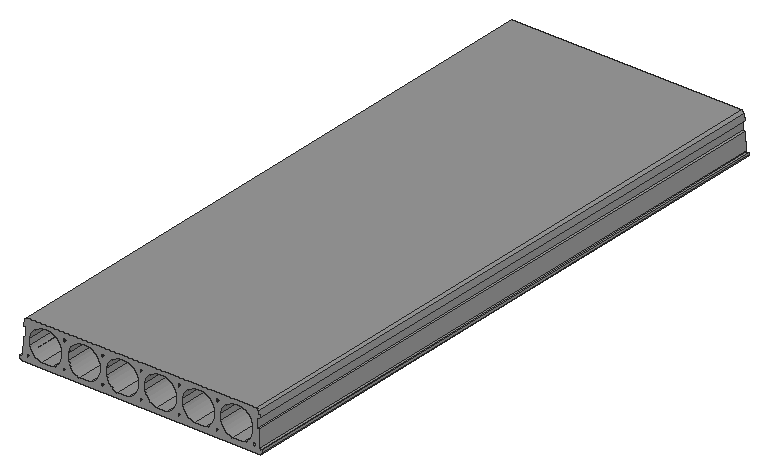
Revit family "Stropný panel KINBETO_SPK", category Obecné modely, Revit 2021
Family settings
  Může být hostitelem pro výztuž = Ne
  Kóta kulaté spojky = Použít průměr
  Typ dílu = Normální
  Založené na pracovní rovině = Ne
  Vždy vertikální = Ano
  Ořezat dutým tvarem při načtení = Ano
  Sdílené = Ne
  Bod výpočtu místnosti = Ne
Parameters (values of type "SPK 200")
  Výrobce = "PREFA Sučany"
  Výrobca kontakt = "PREFA invest, a.s., Podhradská cesta 2, 038 52 Sučany"
  Výchozí výška = 0 mm
  URL = "https://www.prefasu.sk/stropne-panely/"
  Typ obrázku = <Žádné>
  Trieda predpínacej výstuže = "Y1860S7"
  Tepelný odpor = 0.1600 (m²·K)/W
  SP500 = no
  SP400 = no
  SP320 = no
  SP265 = no
  SP200 = yes
  Požiarna odolnosť = "REI45"
  Popis = "Vystužené pozdĺžnou predpínacou výstužou"
  Model = "SP200"
  Minimálne uloženie (mm) = "100"
  Materiál = Beton C50/60
  Komentáře k typům = "Predpäté stropné panely"
  Index vzduchovej nepriezvučnosti (dB) = "49"
  Index kročajovej nepriezvučnosti (dB) = "81"
  Hmotnosť stropného panelu = 277.00 kg/m²
  Dĺžka panela [instance] = 3000 mm
  Atyp_panel / otvor alebo uhol = "Vytvor novú Rodinu pre typ s orezom"
Reference planes
  plane 1 "Center (Front/Back)": y = 0
  plane 2: z = 0
  plane 3 "Center (Left/Right)": x = 0
  plane 4: x = -600
  plane 5: x = 600
  plane 6: x = -590
  plane 7: x = 590
  plane 8: z = 200
  plane 9: z = 22
  plane 10: z = 22
  plane 11: z = 10
  plane 12: z = 10
  plane 13: z = 27
  plane 14: z = 110
  plane 15: x = -582
  plane 16: x = -574
  plane 17: z = 160
  plane 18: x = -586
  plane 19: x = -472.5
  plane 20: x = -283.5
  plane 21: x = 94.5
  plane 22: x = 283.5
  plane 23: x = -94.5
  plane 24: x = 472.5
  plane 25: y = 3000
Forms (mm)
  Extrusion 1, solid, material "Beton C50/60" <- "Materiál", visible <- "SP200", detail levels medium+fine
    sketch origin (0, 0, 0) x (1, 0, 0) y (0, 0, 1)
      loop
        line (-590, 0) -> (590, 0) -> (600, 10) -> (600, 22) -> (590, 22) -> (586, 27) -> (582, 110) -> (574, 114.3) -> (574, 155.7) -> (582, 160) -> (579, 190) -> (568, 200) -> (-568, 200) -> (-579, 190) -> (-582, 160) -> (-574, 155.7) -> (-574, 114.3) -> (-582, 110) -> (-586, 27) -> (-590, 22) -> (-600, 22) -> (-600, 10) -> (-590, 0)
      loop
        circle (-559, 35) r 6.25
      loop
        circle (-378, 35) r 6.25
      loop
        circle (-189, 35) r 6.25
      loop
        circle (0, 35) r 6.25
      loop
        circle (189, 35) r 6.25
      loop
        circle (378, 35) r 6.25
      loop
        circle (559, 35) r 6.25
      loop
        circle (-378, 165) r 6.25
      loop
        circle (-189, 165) r 6.25
      loop
        circle (0, 165) r 6.25
      loop
        circle (189, 165) r 6.25
      loop
        circle (378, 165) r 6.25
      loop
        arc (-551.609, 82.6) -> (-532.986, 46.125) -> (-498.9, 23.423) r 81
        line (-498.9, 23.423) -> (-446.1, 23.423)
        arc (-446.1, 23.423) -> (-412.014, 46.125) -> (-393.391, 82.6) r 81
        line (-393.391, 82.6) -> (-393.391, 117.4)
        arc (-393.391, 117.4) -> (-472.5, 181) -> (-551.609, 117.4) r 81
        line (-551.609, 117.4) -> (-551.609, 82.6)
      loop
        arc (-362.609, 82.6) -> (-343.986, 46.125) -> (-309.9, 23.423) r 81
        line (-309.9, 23.423) -> (-257.1, 23.423)
        arc (-257.1, 23.423) -> (-223.014, 46.125) -> (-204.391, 82.6) r 81
        line (-204.391, 82.6) -> (-204.391, 117.4)
        arc (-204.391, 117.4) -> (-283.5, 181) -> (-362.609, 117.4) r 81
        line (-362.609, 117.4) -> (-362.609, 82.6)
      loop
        arc (-173.609, 82.6) -> (-154.986, 46.125) -> (-120.9, 23.423) r 81
        line (-120.9, 23.423) -> (-68.1, 23.423)
        arc (-68.1, 23.423) -> (-34.014, 46.125) -> (-15.391, 82.6) r 81
        line (-15.391, 82.6) -> (-15.391, 117.4)
        arc (-15.391, 117.4) -> (-94.5, 181) -> (-173.609, 117.4) r 81
        line (-173.609, 117.4) -> (-173.609, 82.6)
      loop
        arc (15.391, 82.6) -> (34.014, 46.125) -> (68.1, 23.423) r 81
        line (68.1, 23.423) -> (120.9, 23.423)
        arc (120.9, 23.423) -> (154.986, 46.125) -> (173.609, 82.6) r 81
        line (173.609, 82.6) -> (173.609, 117.4)
        arc (173.609, 117.4) -> (94.5, 181) -> (15.391, 117.4) r 81
        line (15.391, 117.4) -> (15.391, 82.6)
      loop
        arc (204.391, 82.6) -> (223.014, 46.125) -> (257.1, 23.423) r 81
        line (257.1, 23.423) -> (309.9, 23.423)
        arc (309.9, 23.423) -> (343.986, 46.125) -> (362.609, 82.6) r 81
        line (362.609, 82.6) -> (362.609, 117.4)
        arc (362.609, 117.4) -> (283.5, 181) -> (204.391, 117.4) r 81
        line (204.391, 117.4) -> (204.391, 82.6)
      loop
        arc (393.391, 82.6) -> (412.014, 46.125) -> (446.1, 23.423) r 81
        line (446.1, 23.423) -> (498.9, 23.423)
        arc (498.9, 23.423) -> (532.986, 46.125) -> (551.609, 82.6) r 81
        line (551.609, 82.6) -> (551.609, 117.4)
        arc (551.609, 117.4) -> (472.5, 181) -> (393.391, 117.4) r 81
        line (393.391, 117.4) -> (393.391, 82.6)
    from -3000 to 0
Dimensions and locks
  plane 4 to plane 3 "Center (Left/Right)" to plane 5 = 600 mm locked, 600 mm locked
  plane 4 to plane 5 = 1200 mm
  locked: plane 4 to plane 6 at 10
  locked: plane 7 to plane 5 at 10
  locked: plane 8 to plane 2 at 200
  locked: plane 9 to plane 2 at 22
  locked: plane 10 to plane 2 at 22
  plane 11 to plane 2 = 10 mm
  locked: plane 12 to plane 2 at 10
  locked: plane 13 to plane 9 at 5
  plane 17 to plane 14 to plane 13 = 50 mm, 83 mm locked
  locked: plane 15 to plane 4 at 18
  locked: plane 15 to plane 16 at 8
  locked: plane 4 to plane 18 at 14
  plane 8 to plane 2 = 200 mm
  "Dĺžka panela": plane 1 "Center (Front/Back)" to plane 25
  aligned and locked: level to plane 2
  aligned and locked: plane 1 "Center (Front/Back)" to Extrusion 1
  aligned and locked: Extrusion 1 to plane 25
  aligned and locked: plane 1 "Center (Front/Back)" to nested 1
  aligned and locked: plane 3 "Center (Left/Right)" to nested 1
  aligned and locked: plane 1 "Center (Front/Back)" to nested 2
  aligned and locked: nested 2 to plane 25
  aligned and locked: plane 25 to nested 1
  aligned and locked: plane 3 "Center (Left/Right)" to nested 2
  aligned and locked: plane 1 "Center (Front/Back)" to nested 3
  aligned and locked: plane 25 to nested 3
  aligned and locked: plane 3 "Center (Left/Right)" to nested 3
  aligned and locked: plane 1 "Center (Front/Back)" to nested 4
  aligned and locked: plane 25 to nested 4
  aligned and locked: plane 3 "Center (Left/Right)" to nested 4
Automatic sketch dimensions
  Extrusion 1 sketch curve to Extrusion 1 sketch curve = 0 mm  (x36)
  plane 4 to Extrusion 1 sketch curve = 0 mm
  Extrusion 1 sketch curve to level = 0 mm
  plane 6 to Extrusion 1 sketch curve = 0 mm  (x2)
  Extrusion 1 sketch curve to plane 13 = 0 mm  (x2)
  plane 18 to Extrusion 1 sketch curve = 0 mm
  Extrusion 1 sketch curve to plane 14 = 0 mm  (x2)
  Extrusion 1 sketch curve to plane 15 = 0 mm  (x2)
  plane 16 to Extrusion 1 sketch curve = 0 mm
  Extrusion 1 sketch curve to plane 8 = 0 mm
  plane 19 to Extrusion 1 sketch curve = 0 mm
  plane 20 to Extrusion 1 sketch curve = 0 mm
  plane 23 to Extrusion 1 sketch curve = 0 mm
  Extrusion 1 sketch curve to plane 3 "Center (Left/Right)" = 0 mm  (x2)
  plane 21 to Extrusion 1 sketch curve = 0 mm
  plane 22 to Extrusion 1 sketch curve = 0 mm
  plane 24 to Extrusion 1 sketch curve = 0 mm
  Extrusion 1 sketch curve to plane 17 = 0 mm  (x2)
  plane 7 to Extrusion 1 sketch curve = 0 mm  (x2)
  plane 5 to Extrusion 1 sketch curve = 0 mm
  Extrusion 1 sketch curve to plane 11 = 0 mm  (x2)
  Extrusion 1 sketch curve to plane 9 = 0 mm  (x2)
  plane 15 to Extrusion 1 sketch curve = 3 mm
  Extrusion 1 sketch curve to plane 16 = 6 mm
  Extrusion 1 sketch curve to plane 16 = 15 mm
  Extrusion 1 sketch curve to plane 14 = 7.4 mm  (x8)
  Extrusion 1 sketch curve to plane 16 = 22.391 mm
  plane 9 to Extrusion 1 sketch curve = 1.423 mm  (x6)
  plane 19 to Extrusion 1 sketch curve = 26.4 mm
  Extrusion 1 sketch curve to plane 19 = 26.4 mm
  Extrusion 1 sketch curve to plane 17 = 5 mm  (x5)
  Extrusion 1 sketch curve to Extrusion 1 sketch curve = 15.391 mm  (x8)
  Extrusion 1 sketch curve to plane 13 = 8 mm  (x7)
  Extrusion 1 sketch curve to Extrusion 1 sketch curve = 30.782 mm  (x4)
  plane 20 to Extrusion 1 sketch curve = 26.4 mm
  Extrusion 1 sketch curve to plane 20 = 26.4 mm
  plane 23 to Extrusion 1 sketch curve = 26.4 mm
  Extrusion 1 sketch curve to plane 23 = 26.4 mm
  Extrusion 1 sketch curve to plane 3 "Center (Left/Right)" = 15.391 mm
  plane 3 "Center (Left/Right)" to Extrusion 1 sketch curve = 15.391 mm
  plane 21 to Extrusion 1 sketch curve = 26.4 mm
  Extrusion 1 sketch curve to plane 21 = 26.4 mm
  plane 14 to Extrusion 1 sketch curve = 27.4 mm  (x6)
  Extrusion 1 sketch curve to Extrusion 1 sketch curve = 52.709 mm  (x2)
  plane 22 to Extrusion 1 sketch curve = 26.4 mm
  Extrusion 1 sketch curve to plane 22 = 26.4 mm
  plane 24 to Extrusion 1 sketch curve = 26.4 mm
  Extrusion 1 sketch curve to plane 24 = 26.4 mm
  Extrusion 1 sketch curve to Extrusion 1 sketch curve = 38.391 mm
  plane 7 to Extrusion 1 sketch curve = 31 mm
  plane 7 to Extrusion 1 sketch curve = 22 mm
  Extrusion 1 sketch curve to plane 14 = 4.3 mm  (x2)
  plane 7 to Extrusion 1 sketch curve = 16 mm
  plane 7 to Extrusion 1 sketch curve = 11 mm
  plane 7 to Extrusion 1 sketch curve = 8 mm  (x2)
  plane 7 to Extrusion 1 sketch curve = 4 mm
  plane 17 to Extrusion 1 sketch curve = 4.3 mm  (x2)
  Extrusion 1 sketch curve to plane 8 = 10 mm  (x2)
  radius of Extrusion 1 sketch curve = 6.25 mm  (x12)
Nested families
  nested 1: "Stropný panel SP 265" at (0, 0, 0), visible <- "SP265", dĺžka panelov <- "Dĺžka panela", type "Stropný panel KINBETO SPK 265", detail levels medium+fine
    with dĺžka panelov 3000 mm
  nested 2: "Stropný panel SP 320" at (0, 0, 0), visible <- "SP320", dĺžka panelu <- "Dĺžka panela", type "Stropný panel KINBETO SPK 320", detail levels medium+fine
    with dĺžka panelu 3000 mm
  nested 3: "Stropný panel SP 400" at (0, 0, 0), visible <- "SP400", dĺžka penelov <- "Dĺžka panela", type "Stropný panel KINBETO SPK 400", detail levels medium+fine
    with dĺžka penelov 3000 mm
  nested 4: "Stropný panel SP 500" at (0, 0, 0), visible <- "SP500", dĺžka panelu <- "Dĺžka panela", type "Stropný panel KINBETO SPK 500", detail levels medium+fine
    with dĺžka panelu 3000 mm
Definition of nested family "Stropný panel SP 265"
  Parameters (values of type "Stropný panel SP 265")
    dĺžka panelov [instance] = 3500 mm
    Default Elevation = 0 mm
  Reference planes
    plane 1 "Center (Front/Back)": y = 0
    plane 2: z = 0
    plane 3 "Center (Left/Right)": x = 0
    plane 4: x = -600
    plane 5: x = 600
    plane 6: z = 265
    plane 7: y = 3500
    plane 8: x = -555
    plane 9: x = -336
    plane 10: x = -112
    plane 11: x = 112
    plane 12: x = 336
    plane 13: x = 555
  Forms (mm)
    Extrusion 1, solid
      sketch origin (0, 0, 0) x (1, 0, 0) y (0, 0, 1)
        loop
          line (-600, 10) -> (-590, 0) -> (590, 0) -> (600, 10) -> (600, 22) -> (590.5, 22) -> (585.5, 27) -> (581.458, 175) -> (573.335, 179.399) -> (572.222, 220.165) -> (580.092, 225) -> (579.281, 254.719) -> (569, 265) -> (-568.715, 265) -> (-579.273, 255.004) -> (-580.092, 225) -> (-572.222, 220.165) -> (-573.335, 179.399) -> (-581.458, 175) -> (-585.5, 27) -> (-590.5, 22) -> (-600, 22) -> (-600, 10)
        loop
          line (-533, 161.225) -> (-533, 104.645)
          arc (-533, 104.645) -> (-530.716, 93.164) -> (-524.213, 83.431) r 30
          line (-524.213, 83.431) -> (-486.891, 46.109)
          arc (-486.891, 46.109) -> (-448, 30) -> (-409.109, 46.109) r 55
          line (-409.109, 46.109) -> (-371.787, 83.431)
          arc (-371.787, 83.431) -> (-365.284, 93.164) -> (-363, 104.645) r 30
          line (-363, 104.645) -> (-363, 161.225)
          arc (-363, 161.225) -> (-368.917, 187.206) -> (-385.5, 208.062) r 60
          arc (-385.5, 208.062) -> (-448, 230) -> (-510.5, 208.062) r 100
          arc (-510.5, 208.062) -> (-527.083, 187.206) -> (-533, 161.225) r 60
        loop
          line (-309, 161.225) -> (-309, 104.645)
          arc (-309, 104.645) -> (-306.716, 93.164) -> (-300.213, 83.431) r 30
          line (-300.213, 83.431) -> (-262.891, 46.109)
          arc (-262.891, 46.109) -> (-224, 30) -> (-185.109, 46.109) r 55
          line (-185.109, 46.109) -> (-147.787, 83.431)
          arc (-147.787, 83.431) -> (-141.284, 93.164) -> (-139, 104.645) r 30
          line (-139, 104.645) -> (-139, 161.225)
          arc (-139, 161.225) -> (-144.917, 187.206) -> (-161.5, 208.062) r 60
          arc (-161.5, 208.062) -> (-224, 230) -> (-286.5, 208.062) r 100
          arc (-286.5, 208.062) -> (-303.083, 187.206) -> (-309, 161.225) r 60
        loop
          line (-85, 161.225) -> (-85, 104.645)
          arc (-85, 104.645) -> (-82.716, 93.164) -> (-76.213, 83.431) r 30
          line (-76.213, 83.431) -> (-38.891, 46.109)
          arc (-38.891, 46.109) -> (0, 30) -> (38.891, 46.109) r 55
          line (38.891, 46.109) -> (76.213, 83.431)
          arc (76.213, 83.431) -> (82.716, 93.164) -> (85, 104.645) r 30
          line (85, 104.645) -> (85, 161.225)
          arc (85, 161.225) -> (79.083, 187.206) -> (62.5, 208.062) r 60
          arc (62.5, 208.062) -> (0, 230) -> (-62.5, 208.062) r 100
          arc (-62.5, 208.062) -> (-79.083, 187.206) -> (-85, 161.225) r 60
        loop
          line (139, 161.225) -> (139, 104.645)
          arc (139, 104.645) -> (141.284, 93.164) -> (147.787, 83.431) r 30
          line (147.787, 83.431) -> (185.109, 46.109)
          arc (185.109, 46.109) -> (224, 30) -> (262.891, 46.109) r 55
          line (262.891, 46.109) -> (300.213, 83.431)
          arc (300.213, 83.431) -> (306.716, 93.164) -> (309, 104.645) r 30
          line (309, 104.645) -> (309, 161.225)
          arc (309, 161.225) -> (303.083, 187.206) -> (286.5, 208.062) r 60
          arc (286.5, 208.062) -> (224, 230) -> (161.5, 208.062) r 100
          arc (161.5, 208.062) -> (144.917, 187.206) -> (139, 161.225) r 60
        loop
          line (363, 161.225) -> (363, 104.645)
          arc (363, 104.645) -> (365.284, 93.164) -> (371.787, 83.431) r 30
          line (371.787, 83.431) -> (409.109, 46.109)
          arc (409.109, 46.109) -> (448, 30) -> (486.891, 46.109) r 55
          line (486.891, 46.109) -> (524.213, 83.431)
          arc (524.213, 83.431) -> (530.716, 93.164) -> (533, 104.645) r 30
          line (533, 104.645) -> (533, 161.225)
          arc (533, 161.225) -> (527.083, 187.206) -> (510.5, 208.062) r 60
          arc (510.5, 208.062) -> (448, 230) -> (385.5, 208.062) r 100
          arc (385.5, 208.062) -> (368.917, 187.206) -> (363, 161.225) r 60
        loop
          circle (-555, 35) r 6.25
        loop
          circle (-336, 75) r 6.25
        loop
          circle (-112, 75) r 6.25
        loop
          circle (112, 75) r 6.25
        loop
          circle (336, 75) r 6.25
        loop
          circle (555, 35) r 6.25
        loop
          circle (336, 230) r 6.25
        loop
          circle (112, 230) r 6.25
        loop
          circle (-112, 230) r 6.25
        loop
          circle (-336, 230) r 6.25
        loop
          circle (355, 35) r 6.25
        loop
          circle (317, 35) r 6.25
        loop
          circle (131, 35) r 6.25
        loop
          circle (93, 35) r 6.25
        loop
          circle (-93, 35) r 6.25
        loop
          circle (-131, 35) r 6.25
        loop
          circle (-317, 35) r 6.25
        loop
          circle (-355, 35) r 6.25
      from 0 to -3500
    Extrusion 2, solid
      sketch origin (0, 0, 0) x (1, 0, 0) y (0, 0, 1)
        loop
          circle (-555, 35) r 6.25
        loop
          circle (-355, 35) r 6.25
        loop
          circle (-336, 75) r 6.25
        loop
          circle (-317, 35) r 6.25
        loop
          circle (-93, 35) r 6.25
        loop
          circle (-131, 35) r 6.25
        loop
          circle (-112, 75) r 6.25
        loop
          circle (-336, 230) r 6.25
        loop
          circle (-112, 230) r 6.25
        loop
          circle (112, 230) r 6.25
        loop
          circle (336, 230) r 6.25
        loop
          circle (555, 35) r 6.25
        loop
          circle (336, 75) r 6.25
        loop
          circle (355, 35) r 6.25
        loop
          circle (317, 35) r 6.25
        loop
          circle (93, 35) r 6.25
        loop
          circle (131, 35) r 6.25
        loop
          circle (112, 75) r 6.25
      from -3500 to 0
  Dimensions and locks
    plane 5 to plane 3 "Center (Left/Right)" to plane 4 = 600 mm locked, 600 mm locked
    plane 5 to plane 4 = 1200 mm
    locked: plane 6 to plane 2 at 265
    "dĺžka panelov": plane 1 "Center (Front/Back)" to plane 7
    plane 4 to plane 8 to plane 9 to plane 10 to plane 11 to plane 12 to plane 13 to plane 5 = 45 mm, 219 mm, 224 mm, 224 mm, 224 mm, 219 mm, 45 mm
    aligned and locked: level to plane 2
    aligned and locked: plane 1 "Center (Front/Back)" to Extrusion 1
    aligned and locked: Extrusion 1 to plane 7
    aligned and locked: Extrusion 2 to plane 7
    aligned and locked: plane 1 "Center (Front/Back)" to Extrusion 2
  Automatic sketch dimensions
    plane 4 to Extrusion 1 sketch curve = 0 mm
    Extrusion 1 sketch curve to level = 0 mm
    Extrusion 1 sketch curve to plane 6 = 0 mm
    plane 8 to Extrusion 1 sketch curve = 0 mm
    plane 9 to Extrusion 1 sketch curve = 0 mm  (x2)
    plane 10 to Extrusion 1 sketch curve = 0 mm  (x2)
    Extrusion 1 sketch curve to plane 3 "Center (Left/Right)" = 0 mm  (x2)
    plane 11 to Extrusion 1 sketch curve = 0 mm  (x2)
    plane 12 to Extrusion 1 sketch curve = 0 mm  (x2)
    plane 13 to Extrusion 1 sketch curve = 0 mm
    Extrusion 1 sketch curve to plane 5 = 0 mm
    Extrusion 1 sketch curve to Extrusion 1 sketch curve = 9.5 mm
    Extrusion 1 sketch curve to plane 4 = 10 mm
    Extrusion 1 sketch curve to Extrusion 1 sketch curve = 5 mm  (x4)
    Extrusion 1 sketch curve to plane 4 = 18.542 mm
    Extrusion 1 sketch curve to plane 4 = 19.908 mm
    plane 6 to Extrusion 1 sketch curve = 9.996 mm
    Extrusion 1 sketch curve to plane 4 = 20.727 mm
    Extrusion 1 sketch curve to Extrusion 1 sketch curve = 8.123 mm  (x2)
    Extrusion 1 sketch curve to Extrusion 1 sketch curve = 7.871 mm  (x2)
    plane 8 to Extrusion 1 sketch curve = 13.715 mm
    Extrusion 1 sketch curve to plane 8 = 22 mm
    Extrusion 1 sketch curve to Extrusion 1 sketch curve = 8.787 mm  (x6)
    Extrusion 1 sketch curve to Extrusion 1 sketch curve = 21.213 mm  (x9)
    Extrusion 1 sketch curve to Extrusion 1 sketch curve = 37.322 mm  (x5)
    Extrusion 1 sketch curve to Extrusion 1 sketch curve = 60 mm  (x4)
    Extrusion 1 sketch curve to Extrusion 1 sketch curve = 25 mm  (x8)
    Extrusion 1 sketch curve to Extrusion 1 sketch curve = 0 mm  (x8)
    Extrusion 1 sketch curve to Extrusion 1 sketch curve = 38.891 mm  (x12)
    plane 9 to Extrusion 1 sketch curve = 57 mm
    plane 9 to Extrusion 1 sketch curve = 27 mm
    plane 9 to Extrusion 1 sketch curve = 19 mm
    Extrusion 1 sketch curve to plane 9 = 19 mm
    Extrusion 1 sketch curve to plane 9 = 27 mm
    plane 10 to Extrusion 1 sketch curve = 57 mm
    plane 10 to Extrusion 1 sketch curve = 19 mm
    Extrusion 1 sketch curve to plane 10 = 19 mm
    Extrusion 1 sketch curve to plane 10 = 27 mm
    Extrusion 1 sketch curve to Extrusion 1 sketch curve = 30 mm
    Extrusion 1 sketch curve to plane 3 "Center (Left/Right)" = 38.891 mm
    Extrusion 1 sketch curve to plane 3 "Center (Left/Right)" = 25 mm
    plane 3 "Center (Left/Right)" to Extrusion 1 sketch curve = 25 mm
    plane 3 "Center (Left/Right)" to Extrusion 1 sketch curve = 38.891 mm
    plane 3 "Center (Left/Right)" to Extrusion 1 sketch curve = 55 mm
    plane 11 to Extrusion 1 sketch curve = 27 mm
    plane 11 to Extrusion 1 sketch curve = 19 mm
    Extrusion 1 sketch curve to plane 11 = 19 mm
    Extrusion 1 sketch curve to plane 11 = 27 mm
    plane 12 to Extrusion 1 sketch curve = 57 mm
    plane 12 to Extrusion 1 sketch curve = 27 mm
    plane 12 to Extrusion 1 sketch curve = 19 mm
    Extrusion 1 sketch curve to plane 12 = 19 mm
    Extrusion 1 sketch curve to plane 12 = 27 mm
    plane 13 to Extrusion 1 sketch curve = 52 mm
    plane 13 to Extrusion 1 sketch curve = 22 mm
    Extrusion 1 sketch curve to plane 13 = 14 mm
    Extrusion 1 sketch curve to plane 13 = 17.222 mm
    Extrusion 1 sketch curve to plane 13 = 18.335 mm
    plane 6 to Extrusion 1 sketch curve = 10.281 mm
    Extrusion 1 sketch curve to Extrusion 1 sketch curve = 10.281 mm
    Extrusion 1 sketch curve to plane 5 = 14.5 mm
    Extrusion 1 sketch curve to plane 5 = 10 mm
    level to Extrusion 1 sketch curve = 10 mm  (x2)
    Extrusion 1 sketch curve to Extrusion 1 sketch curve = 12 mm  (x2)
    Extrusion 1 sketch curve to Extrusion 1 sketch curve = 8 mm  (x2)
    level to Extrusion 1 sketch curve = 35 mm  (x8)
    level to Extrusion 1 sketch curve = 46.109 mm  (x5)
    Extrusion 1 sketch curve to Extrusion 1 sketch curve = 40 mm  (x4)
    Extrusion 1 sketch curve to Extrusion 1 sketch curve = 8.431 mm  (x8)
    Extrusion 1 sketch curve to Extrusion 1 sketch curve = 48.431 mm
    Extrusion 1 sketch curve to Extrusion 1 sketch curve = 45 mm  (x5)
    Extrusion 1 sketch curve to Extrusion 1 sketch curve = 56.58 mm  (x3)
    Extrusion 1 sketch curve to Extrusion 1 sketch curve = 31.225 mm  (x5)
    Extrusion 1 sketch curve to Extrusion 1 sketch curve = 13.775 mm  (x2)
    Extrusion 1 sketch curve to Extrusion 1 sketch curve = 4.399 mm  (x2)
    Extrusion 1 sketch curve to Extrusion 1 sketch curve = 34.839 mm
    Extrusion 1 sketch curve to Extrusion 1 sketch curve = 34.555 mm
    Extrusion 1 sketch curve to Extrusion 1 sketch curve = 4.835 mm  (x2)
    plane 6 to Extrusion 1 sketch curve = 35 mm  (x4)
    plane 8 to Extrusion 2 sketch curve = 0 mm
    level to Extrusion 2 sketch curve = 35 mm  (x6)
    Extrusion 2 sketch curve to Extrusion 2 sketch curve = 6.25 mm  (x13)
    plane 9 to Extrusion 2 sketch curve = 19 mm
    plane 9 to Extrusion 2 sketch curve = 0 mm  (x2)
    Extrusion 2 sketch curve to Extrusion 2 sketch curve = 40 mm  (x3)
    Extrusion 2 sketch curve to plane 9 = 19 mm
    Extrusion 2 sketch curve to Extrusion 2 sketch curve = 0 mm  (x6)
    Extrusion 2 sketch curve to plane 10 = 19 mm
    plane 10 to Extrusion 2 sketch curve = 19 mm
    plane 10 to Extrusion 2 sketch curve = 0 mm  (x2)
    plane 6 to Extrusion 2 sketch curve = 35 mm  (x4)
    plane 11 to Extrusion 2 sketch curve = 0 mm  (x2)
    plane 11 to Extrusion 2 sketch curve = 6.25 mm  (x2)
    plane 12 to Extrusion 2 sketch curve = 0 mm  (x2)
    plane 12 to Extrusion 2 sketch curve = 6.25 mm  (x2)
    plane 13 to Extrusion 2 sketch curve = 0 mm
    plane 13 to Extrusion 2 sketch curve = 6.25 mm
    level to Extrusion 2 sketch curve = 75 mm
    Extrusion 2 sketch curve to plane 12 = 19 mm
    plane 12 to Extrusion 2 sketch curve = 19 mm
    plane 11 to Extrusion 2 sketch curve = 19 mm
    Extrusion 2 sketch curve to plane 11 = 19 mm
    radius of Extrusion 1 sketch curve = 6.25 mm  (x18)
Definition of nested family "Stropný panel SP 320"
  Parameters (values of type "Stropný panel SP 320")
    dĺžka panelu [instance] = 3000 mm
    Default Elevation = 0 mm
  Reference planes
    plane 1 "Center (Front/Back)": y = 0
    plane 2: z = 0
    plane 3 "Center (Left/Right)": x = 0
    plane 4: x = -600
    plane 5: x = 600
    plane 6: x = -550
    plane 7: x = -364
    plane 8: x = -308
    plane 9: x = 84
    plane 10: x = 308
    plane 11: x = -140
    plane 12: x = -84
    plane 13: x = 140
    plane 14: x = 364
    plane 15: x = 550
    plane 16: y = 3000
  Forms (mm)
    Extrusion 1, solid
      sketch origin (0, 0, 0) x (1, 0, 0) y (0, 0, 1)
        loop
          line (569, 320) -> (-568.771, 320) -> (-579.222, 310.002) -> (-579.887, 280) -> (-571.992, 275.205) -> (-572.896, 234.44) -> (-580.997, 230) -> (-585.5, 27) -> (-590.5, 22) -> (-600, 22) -> (-600, 10) -> (-590, 0) -> (590, 0) -> (600, 10) -> (600, 22) -> (590.5, 22) -> (585.5, 27) -> (580.997, 230) -> (572.896, 234.44) -> (571.992, 275.205) -> (579.887, 280) -> (579.227, 309.773) -> (569, 320)
        loop
          arc (-368.018, 240.38) -> (-448.001, 282.5) -> (-527.983, 240.38) r 97
          arc (-527.983, 240.38) -> (-533.206, 229.596) -> (-535.001, 217.749) r 40
          line (-535.001, 217.749) -> (-535.001, 160) -> (-530.001, 88.5) -> (-493.001, 45.5) -> (-478.001, 37.5) -> (-418.001, 37.5) -> (-403.001, 45.5) -> (-366.001, 88.5) -> (-361.001, 160) -> (-361.001, 217.749)
          arc (-361.001, 217.749) -> (-362.795, 229.596) -> (-368.018, 240.38) r 40
        loop
          arc (-144.018, 240.38) -> (-224, 282.5) -> (-303.983, 240.38) r 97
          arc (-303.983, 240.38) -> (-309.206, 229.596) -> (-311, 217.749) r 40
          line (-311, 217.749) -> (-311, 160) -> (-306, 88.5) -> (-269, 45.5) -> (-254, 37.5) -> (-194, 37.5) -> (-179, 45.5) -> (-142, 88.5) -> (-137, 160) -> (-137, 217.749)
          arc (-137, 217.749) -> (-138.795, 229.596) -> (-144.018, 240.38) r 40
        loop
          arc (79.982, 240.38) -> (0, 282.5) -> (-79.982, 240.38) r 97
          arc (-79.982, 240.38) -> (-85.205, 229.596) -> (-87, 217.749) r 40
          line (-87, 217.749) -> (-87, 160) -> (-82, 88.5) -> (-45, 45.5) -> (-30, 37.5) -> (30, 37.5) -> (45, 45.5) -> (82, 88.5) -> (87, 160) -> (87, 217.749)
          arc (87, 217.749) -> (85.205, 229.596) -> (79.982, 240.38) r 40
        loop
          arc (303.982, 240.38) -> (224, 282.5) -> (144.018, 240.38) r 97
          arc (144.018, 240.38) -> (138.795, 229.596) -> (137, 217.749) r 40
          line (137, 217.749) -> (137, 160) -> (142, 88.5) -> (179, 45.5) -> (194, 37.5) -> (254, 37.5) -> (269, 45.5) -> (306, 88.5) -> (311, 160) -> (311, 217.749)
          arc (311, 217.749) -> (309.205, 229.596) -> (303.982, 240.38) r 40
        loop
          arc (527.982, 240.38) -> (448, 282.5) -> (368.018, 240.38) r 97
          arc (368.018, 240.38) -> (362.795, 229.596) -> (361, 217.749) r 40
          line (361, 217.749) -> (361, 160) -> (366, 88.5) -> (403, 45.5) -> (418, 37.5) -> (478, 37.5) -> (493, 45.5) -> (530, 88.5) -> (535, 160) -> (535, 217.749)
          arc (535, 217.749) -> (533.205, 229.596) -> (527.982, 240.38) r 40
        loop
          circle (-550, 35) r 6.25
        loop
          circle (-364, 35) r 6.25
        loop
          circle (-308, 35) r 6.25
        loop
          circle (-140, 35) r 6.25
        loop
          circle (-84, 35) r 6.25
        loop
          circle (84, 35) r 6.25
        loop
          circle (140, 35) r 6.25
        loop
          circle (308, 35) r 6.25
        loop
          circle (364, 35) r 6.25
        loop
          circle (550, 35) r 6.25
        loop
          circle (-336, 70) r 4.65
        loop
          circle (-112, 70) r 4.65
        loop
          circle (112, 70) r 4.65
        loop
          circle (336, 70) r 4.65
        loop
          circle (550, 70) r 4.65
        loop
          circle (-550, 70) r 4.65
      from 0 to -3000
    Extrusion 2, solid
      sketch origin (0, 0, 0) x (1, 0, 0) y (0, 0, 1)
        loop
          circle (-550, 35) r 6.25
        loop
          circle (-550, 70) r 4.65
        loop
          circle (-364, 35) r 6.25
        loop
          circle (-308, 35) r 6.25
        loop
          circle (-336, 70) r 4.65
        loop
          circle (-112, 70) r 4.65
        loop
          circle (-140, 35) r 6.25
        loop
          circle (-84, 35) r 6.25
        loop
          circle (84, 35) r 6.25
        loop
          circle (112, 70) r 4.65
        loop
          circle (140, 35) r 6.25
        loop
          circle (308, 35) r 6.25
        loop
          circle (336, 70) r 4.65
        loop
          circle (364, 35) r 6.25
        loop
          circle (550, 35) r 6.25
        loop
          circle (550, 70) r 4.65
      from -3000 to 0
  Dimensions and locks
    plane 5 to plane 3 "Center (Left/Right)" to plane 4 = 600 mm locked, 600 mm locked
    plane 4 to plane 5 = 1200 mm
    "dĺžka panelu": plane 1 "Center (Front/Back)" to plane 16
    aligned and locked: level to plane 2
    aligned and locked: plane 1 "Center (Front/Back)" to Extrusion 1
    aligned and locked: plane 16 to Extrusion 1
    aligned and locked: plane 16 to Extrusion 2
    aligned and locked: plane 1 "Center (Front/Back)" to Extrusion 2
  Automatic sketch dimensions
    Extrusion 1 sketch curve to plane 4 = 0 mm
    Extrusion 1 sketch curve to level = 0 mm
    plane 6 to Extrusion 1 sketch curve = 0 mm  (x2)
    plane 7 to Extrusion 1 sketch curve = 0 mm
    plane 8 to Extrusion 1 sketch curve = 0 mm
    plane 11 to Extrusion 1 sketch curve = 0 mm
    plane 12 to Extrusion 1 sketch curve = 0 mm
    Extrusion 1 sketch curve to plane 3 "Center (Left/Right)" = 0 mm
    plane 9 to Extrusion 1 sketch curve = 0 mm
    plane 13 to Extrusion 1 sketch curve = 0 mm
    plane 10 to Extrusion 1 sketch curve = 0 mm
    plane 14 to Extrusion 1 sketch curve = 0 mm
    plane 15 to Extrusion 1 sketch curve = 0 mm  (x2)
    plane 5 to Extrusion 1 sketch curve = 0 mm
    Extrusion 1 sketch curve to Extrusion 1 sketch curve = 9.5 mm
    plane 4 to Extrusion 1 sketch curve = 10 mm
    Extrusion 1 sketch curve to Extrusion 1 sketch curve = 5 mm  (x4)
    plane 4 to Extrusion 1 sketch curve = 19.003 mm
    plane 4 to Extrusion 1 sketch curve = 20.113 mm
    plane 4 to Extrusion 1 sketch curve = 20.778 mm
    Extrusion 1 sketch curve to Extrusion 1 sketch curve = 8.1 mm  (x2)
    Extrusion 1 sketch curve to Extrusion 1 sketch curve = 7.896 mm  (x2)
    Extrusion 1 sketch curve to Extrusion 1 sketch curve = 10.451 mm
    Extrusion 1 sketch curve to plane 6 = 14.999 mm
    Extrusion 1 sketch curve to plane 6 = 19.999 mm
    Extrusion 1 sketch curve to Extrusion 1 sketch curve = 40 mm
    Extrusion 1 sketch curve to Extrusion 1 sketch curve = 37 mm
    Extrusion 1 sketch curve to Extrusion 1 sketch curve = 15 mm  (x10)
    Extrusion 1 sketch curve to Extrusion 1 sketch curve = 47 mm  (x4)
    plane 7 to Extrusion 1 sketch curve = 54.001 mm
    plane 7 to Extrusion 1 sketch curve = 37.001 mm
    plane 7 to Extrusion 1 sketch curve = 2.001 mm
    Extrusion 1 sketch curve to plane 7 = 2.999 mm
    Extrusion 1 sketch curve to plane 7 = 28 mm
    plane 8 to Extrusion 1 sketch curve = 3 mm
    Extrusion 1 sketch curve to plane 8 = 2 mm
    Extrusion 1 sketch curve to plane 8 = 37 mm
    Extrusion 1 sketch curve to plane 8 = 39 mm
    plane 11 to Extrusion 1 sketch curve = 54 mm
    plane 11 to Extrusion 1 sketch curve = 37 mm
    plane 11 to Extrusion 1 sketch curve = 2 mm
    Extrusion 1 sketch curve to plane 11 = 3 mm
    Extrusion 1 sketch curve to plane 11 = 28 mm
    plane 12 to Extrusion 1 sketch curve = 3 mm
    Extrusion 1 sketch curve to plane 12 = 2 mm
    Extrusion 1 sketch curve to plane 12 = 37 mm
    Extrusion 1 sketch curve to plane 12 = 39 mm
    plane 3 "Center (Left/Right)" to Extrusion 1 sketch curve = 30 mm
    plane 9 to Extrusion 1 sketch curve = 37 mm
    plane 9 to Extrusion 1 sketch curve = 2 mm
    Extrusion 1 sketch curve to plane 9 = 3 mm
    Extrusion 1 sketch curve to plane 9 = 28 mm
    plane 13 to Extrusion 1 sketch curve = 3 mm
    Extrusion 1 sketch curve to plane 13 = 2 mm
    Extrusion 1 sketch curve to plane 13 = 37 mm
    Extrusion 1 sketch curve to plane 13 = 39 mm
    plane 10 to Extrusion 1 sketch curve = 54 mm
    plane 10 to Extrusion 1 sketch curve = 37 mm
    plane 10 to Extrusion 1 sketch curve = 2 mm
    Extrusion 1 sketch curve to plane 10 = 3 mm
    Extrusion 1 sketch curve to plane 10 = 28 mm
    plane 14 to Extrusion 1 sketch curve = 3 mm
    Extrusion 1 sketch curve to plane 14 = 2 mm
    Extrusion 1 sketch curve to plane 14 = 37 mm
    Extrusion 1 sketch curve to plane 14 = 39 mm
    Extrusion 1 sketch curve to Extrusion 1 sketch curve = 60 mm
    plane 15 to Extrusion 1 sketch curve = 55 mm
    plane 15 to Extrusion 1 sketch curve = 20 mm
    plane 15 to Extrusion 1 sketch curve = 15 mm
    Extrusion 1 sketch curve to plane 15 = 19 mm
    Extrusion 1 sketch curve to plane 15 = 21.992 mm
    Extrusion 1 sketch curve to plane 15 = 22.896 mm
    Extrusion 1 sketch curve to Extrusion 1 sketch curve = 10.227 mm  (x2)
    plane 5 to Extrusion 1 sketch curve = 14.5 mm
    plane 5 to Extrusion 1 sketch curve = 10 mm
    level to Extrusion 1 sketch curve = 10 mm  (x2)
    Extrusion 1 sketch curve to Extrusion 1 sketch curve = 12 mm  (x2)
    level to Extrusion 1 sketch curve = 35 mm  (x10)
    level to Extrusion 1 sketch curve = 37.5 mm  (x5)
    Extrusion 1 sketch curve to Extrusion 1 sketch curve = 8 mm  (x10)
    Extrusion 1 sketch curve to Extrusion 1 sketch curve = 35 mm  (x6)
    Extrusion 1 sketch curve to Extrusion 1 sketch curve = 18.5 mm  (x10)
    Extrusion 1 sketch curve to Extrusion 1 sketch curve = 71.5 mm  (x6)
    Extrusion 1 sketch curve to Extrusion 1 sketch curve = 0 mm  (x10)
    Extrusion 1 sketch curve to Extrusion 1 sketch curve = 25.5 mm  (x5)
    Extrusion 1 sketch curve to Extrusion 1 sketch curve = 57.749 mm  (x3)
    Extrusion 1 sketch curve to Extrusion 1 sketch curve = 32.249 mm  (x6)
    Extrusion 1 sketch curve to Extrusion 1 sketch curve = 12.251 mm  (x2)
    Extrusion 1 sketch curve to Extrusion 1 sketch curve = 4.44 mm  (x2)
    Extrusion 1 sketch curve to Extrusion 1 sketch curve = 40.765 mm  (x2)
    Extrusion 1 sketch curve to Extrusion 1 sketch curve = 4.795 mm  (x2)
    Extrusion 1 sketch curve to Extrusion 1 sketch curve = 29.773 mm
    Extrusion 1 sketch curve to Extrusion 1 sketch curve = 30.002 mm
    plane 6 to Extrusion 2 sketch curve = 0 mm  (x2)
    level to Extrusion 2 sketch curve = 35 mm  (x10)
    plane 6 to Extrusion 2 sketch curve = 6.25 mm
    Extrusion 2 sketch curve to Extrusion 2 sketch curve = 35 mm  (x5)
    Extrusion 2 sketch curve to Extrusion 2 sketch curve = 4.65 mm  (x6)
    plane 7 to Extrusion 2 sketch curve = 0 mm
    plane 7 to Extrusion 2 sketch curve = 6.25 mm
    plane 8 to Extrusion 2 sketch curve = 0 mm
    plane 8 to Extrusion 2 sketch curve = 6.25 mm
    Extrusion 2 sketch curve to plane 7 = 28 mm
    Extrusion 2 sketch curve to plane 11 = 28 mm
    level to Extrusion 2 sketch curve = 70 mm
    plane 11 to Extrusion 2 sketch curve = 0 mm
    plane 11 to Extrusion 2 sketch curve = 6.25 mm
    plane 12 to Extrusion 2 sketch curve = 0 mm
    plane 12 to Extrusion 2 sketch curve = 6.25 mm
    plane 9 to Extrusion 2 sketch curve = 0 mm
    plane 9 to Extrusion 2 sketch curve = 6.25 mm
    Extrusion 2 sketch curve to plane 9 = 28 mm
    plane 13 to Extrusion 2 sketch curve = 0 mm
    plane 13 to Extrusion 2 sketch curve = 6.25 mm
    plane 10 to Extrusion 2 sketch curve = 0 mm
    plane 10 to Extrusion 2 sketch curve = 6.25 mm
    Extrusion 2 sketch curve to plane 10 = 28 mm
    plane 14 to Extrusion 2 sketch curve = 0 mm
    plane 14 to Extrusion 2 sketch curve = 6.25 mm
    plane 15 to Extrusion 2 sketch curve = 0 mm  (x2)
    Extrusion 2 sketch curve to Extrusion 2 sketch curve = 6.25 mm
    Extrusion 2 sketch curve to Extrusion 2 sketch curve = 0 mm  (x2)
    radius of Extrusion 1 sketch curve = 6.25 mm  (x10)
    radius of Extrusion 1 sketch curve = 4.65 mm  (x6)
Definition of nested family "Stropný panel SP 400"
  Parameters (values of type "Stropný panel SP 400")
    dĺžka penelov [instance] = 3500 mm
    Default Elevation = 0 mm
  Reference planes
    plane 1 "Center (Front/Back)": y = 0
    plane 2: z = 0
    plane 3 "Center (Left/Right)": x = 0
    plane 4: x = -600
    plane 5: x = 600
    plane 6: x = -555
    plane 7: x = -283
    plane 8: x = 283
    plane 9: x = 555
    plane 10: y = 3500
  Forms (mm)
    Extrusion 1, solid
      sketch origin (0, 0, 0) x (1, 0, 0) y (0, 0, 1)
        loop
          line (569, 400) -> (-568.821, 400) -> (-579.174, 390.002) -> (-579.697, 360) -> (-571.779, 355.243) -> (-572.489, 314.479) -> (-580.568, 310) -> (-585.5, 27) -> (-590.5, 22) -> (-600, 22) -> (-600, 10) -> (-590, 0) -> (590, 0) -> (600, 10) -> (600, 22) -> (590.5, 22) -> (585.5, 27) -> (580.568, 310) -> (572.489, 314.479) -> (571.779, 355.243) -> (579.697, 360) -> (579.177, 389.823) -> (569, 400)
        loop
          arc (-315.676, 296.502) -> (-385.202, 353.662) -> (-475.103, 349.299) r 125
          arc (-475.103, 349.299) -> (-486.916, 341.283) -> (-495.162, 329.628) r 40
          line (-495.162, 329.628) -> (-525.752, 264.027)
          arc (-525.752, 264.027) -> (-528.552, 255.78) -> (-529.5, 247.123) r 40
          line (-529.5, 247.123) -> (-529.5, 137.107)
          arc (-529.5, 137.107) -> (-527.088, 123.426) -> (-520.142, 111.395) r 40
          line (-520.142, 111.395) -> (-475.086, 57.7)
          arc (-475.086, 57.7) -> (-467.22, 50.529) -> (-457.741, 45.686) r 40
          arc (-457.741, 45.686) -> (-381.776, 49.586) -> (-330.531, 105.798) r 100
          line (-330.531, 105.798) -> (-312.912, 154.204)
          arc (-312.912, 154.204) -> (-311.108, 160.939) -> (-310.5, 167.885) r 40
          line (-310.5, 167.885) -> (-310.5, 276.821)
          arc (-310.5, 276.821) -> (-311.816, 286.996) -> (-315.676, 296.502) r 40
        loop
          arc (-32.676, 296.502) -> (-141.5, 360) -> (-250.324, 296.502) r 125
          arc (-250.324, 296.502) -> (-254.184, 286.996) -> (-255.5, 276.821) r 40
          line (-255.5, 276.821) -> (-255.5, 167.885)
          arc (-255.5, 167.885) -> (-254.892, 160.939) -> (-253.088, 154.204) r 40
          line (-253.088, 154.204) -> (-235.469, 105.798)
          arc (-235.469, 105.798) -> (-141.5, 40) -> (-47.531, 105.798) r 100
          line (-47.531, 105.798) -> (-29.912, 154.204)
          arc (-29.912, 154.204) -> (-28.108, 160.939) -> (-27.5, 167.885) r 40
          line (-27.5, 167.885) -> (-27.5, 276.821)
          arc (-27.5, 276.821) -> (-28.816, 286.996) -> (-32.676, 296.502) r 40
        loop
          arc (250.324, 296.502) -> (141.5, 360) -> (32.676, 296.502) r 125
          arc (32.676, 296.502) -> (28.816, 286.996) -> (27.5, 276.821) r 40
          line (27.5, 276.821) -> (27.5, 167.885)
          arc (27.5, 167.885) -> (28.108, 160.939) -> (29.912, 154.204) r 40
          line (29.912, 154.204) -> (47.531, 105.798)
          arc (47.531, 105.798) -> (141.5, 40) -> (235.469, 105.798) r 100
          line (235.469, 105.798) -> (253.088, 154.204)
          arc (253.088, 154.204) -> (254.892, 160.939) -> (255.5, 167.885) r 40
          line (255.5, 167.885) -> (255.5, 276.821)
          arc (255.5, 276.821) -> (254.184, 286.996) -> (250.324, 296.502) r 40
        loop
          arc (475.103, 349.299) -> (385.202, 353.662) -> (315.676, 296.502) r 125
          arc (315.676, 296.502) -> (311.816, 286.996) -> (310.5, 276.821) r 40
          line (310.5, 276.821) -> (310.5, 167.885)
          arc (310.5, 167.885) -> (311.108, 160.939) -> (312.912, 154.204) r 40
          line (312.912, 154.204) -> (330.531, 105.798)
          arc (330.531, 105.798) -> (381.776, 49.586) -> (457.741, 45.686) r 100
          arc (457.741, 45.686) -> (467.22, 50.529) -> (475.086, 57.7) r 40
          line (475.086, 57.7) -> (520.142, 111.395)
          arc (520.142, 111.395) -> (527.088, 123.426) -> (529.5, 137.107) r 40
          line (529.5, 137.107) -> (529.5, 247.123)
          arc (529.5, 247.123) -> (528.552, 255.78) -> (525.752, 264.027) r 40
          line (525.752, 264.027) -> (495.162, 329.628)
          arc (495.162, 329.628) -> (486.916, 341.283) -> (475.103, 349.299) r 40
        loop
          circle (-555, 45) r 6.25
        loop
          circle (-517, 45) r 6.25
        loop
          circle (-283, 45) r 6.25
        loop
          circle (0, 45) r 6.25
        loop
          circle (283, 45) r 6.25
        loop
          circle (555, 45) r 6.25
        loop
          circle (517, 45) r 6.25
        loop
          circle (-321, 45) r 6.25
        loop
          circle (-245, 45) r 6.25
        loop
          circle (-38, 45) r 6.25
        loop
          circle (38, 45) r 6.25
        loop
          circle (245, 45) r 6.25
        loop
          circle (321, 45) r 6.25
        loop
          circle (283, 85) r 6.25
        loop
          circle (0, 85) r 6.25
        loop
          circle (-283, 85) r 6.25
        loop
          circle (-283, 365) r 6.25
        loop
          circle (0, 365) r 6.25
        loop
          circle (283, 365) r 6.25
      from -3500 to 0
    Extrusion 2, solid
      sketch origin (0, 0, 0) x (1, 0, 0) y (0, 0, 1)
        loop
          circle (-517, 45) r 6.25
        loop
          circle (-555, 45) r 6.25
        loop
          circle (-321, 45) r 6.25
        loop
          circle (-283, 45) r 6.25
        loop
          circle (-283, 85) r 6.25
        loop
          circle (-245, 45) r 6.25
        loop
          circle (-38, 45) r 6.25
        loop
          circle (0, 45) r 6.25
        loop
          circle (0, 85) r 6.25
        loop
          circle (38, 45) r 6.25
        loop
          circle (245, 45) r 6.25
        loop
          circle (283, 45) r 6.25
        loop
          circle (283, 85) r 6.25
        loop
          circle (321, 45) r 6.25
        loop
          circle (517, 45) r 6.25
        loop
          circle (555, 45) r 6.25
        loop
          circle (-283, 365) r 6.25
        loop
          circle (0, 365) r 6.25
        loop
          circle (283, 365) r 6.25
      from -3500 to 0
  Dimensions and locks
    plane 4 to plane 3 "Center (Left/Right)" to plane 5 = 600 mm locked, 600 mm locked
    plane 4 to plane 5 = 1200 mm
    "dĺžka penelov": plane 1 "Center (Front/Back)" to plane 10
    aligned and locked: level to plane 2
    aligned and locked: plane 1 "Center (Front/Back)" to Extrusion 1
    aligned and locked: Extrusion 1 to plane 10
    aligned and locked: Extrusion 2 to plane 10
    aligned and locked: plane 1 "Center (Front/Back)" to Extrusion 2
  Automatic sketch dimensions
    plane 4 to Extrusion 1 sketch curve = 0 mm
    Extrusion 1 sketch curve to level = 0 mm
    Extrusion 1 sketch curve to plane 6 = 0 mm
    Extrusion 1 sketch curve to plane 7 = 0 mm  (x3)
    Extrusion 1 sketch curve to plane 3 "Center (Left/Right)" = 0 mm  (x3)
    plane 8 to Extrusion 1 sketch curve = 0 mm  (x3)
    plane 9 to Extrusion 1 sketch curve = 0 mm
    plane 5 to Extrusion 1 sketch curve = 0 mm
    Extrusion 1 sketch curve to Extrusion 1 sketch curve = 9.5 mm
    Extrusion 1 sketch curve to plane 4 = 10 mm
    Extrusion 1 sketch curve to Extrusion 1 sketch curve = 5 mm  (x4)
    Extrusion 1 sketch curve to plane 4 = 19.432 mm
    Extrusion 1 sketch curve to plane 4 = 20.303 mm
    Extrusion 1 sketch curve to plane 4 = 20.826 mm
    Extrusion 1 sketch curve to Extrusion 1 sketch curve = 8.079 mm  (x2)
    Extrusion 1 sketch curve to Extrusion 1 sketch curve = 7.918 mm  (x2)
    Extrusion 1 sketch curve to plane 6 = 13.821 mm
    plane 6 to Extrusion 1 sketch curve = 25.5 mm
    Extrusion 1 sketch curve to Extrusion 1 sketch curve = 3.748 mm  (x2)
    Extrusion 1 sketch curve to Extrusion 1 sketch curve = 9.358 mm
    Extrusion 1 sketch curve to Extrusion 1 sketch curve = 38 mm  (x4)
    plane 6 to Extrusion 1 sketch curve = 59.838 mm
    Extrusion 1 sketch curve to Extrusion 1 sketch curve = 36.252 mm  (x3)
    Extrusion 1 sketch curve to Extrusion 1 sketch curve = 30.642 mm  (x3)
    Extrusion 1 sketch curve to Extrusion 1 sketch curve = 41.914 mm
    Extrusion 1 sketch curve to Extrusion 1 sketch curve = 19.945 mm  (x2)
    Extrusion 1 sketch curve to Extrusion 1 sketch curve = 65 mm  (x2)
    Extrusion 1 sketch curve to plane 7 = 67.5 mm  (x2)
    Extrusion 1 sketch curve to plane 7 = 47.531 mm
    Extrusion 1 sketch curve to plane 7 = 38 mm
    Extrusion 1 sketch curve to plane 7 = 29.912 mm
    Extrusion 1 sketch curve to plane 7 = 27.5 mm
    plane 7 to Extrusion 1 sketch curve = 27.5 mm
    Extrusion 1 sketch curve to Extrusion 1 sketch curve = 2.412 mm  (x5)
    plane 7 to Extrusion 1 sketch curve = 47.531 mm
    Extrusion 1 sketch curve to Extrusion 1 sketch curve = 40 mm  (x8)
    Extrusion 1 sketch curve to Extrusion 1 sketch curve = 74 mm  (x6)
    Extrusion 1 sketch curve to plane 3 "Center (Left/Right)" = 67.5 mm  (x2)
    Extrusion 1 sketch curve to plane 3 "Center (Left/Right)" = 47.531 mm
    Extrusion 1 sketch curve to plane 3 "Center (Left/Right)" = 38 mm
    Extrusion 1 sketch curve to plane 3 "Center (Left/Right)" = 29.912 mm
    plane 3 "Center (Left/Right)" to Extrusion 1 sketch curve = 27.5 mm
    plane 3 "Center (Left/Right)" to Extrusion 1 sketch curve = 38 mm
    plane 3 "Center (Left/Right)" to Extrusion 1 sketch curve = 47.531 mm
    plane 8 to Extrusion 1 sketch curve = 67.5 mm  (x2)
    plane 8 to Extrusion 1 sketch curve = 47.531 mm
    plane 8 to Extrusion 1 sketch curve = 29.912 mm
    Extrusion 1 sketch curve to plane 8 = 27.5 mm
    Extrusion 1 sketch curve to plane 8 = 38 mm
    Extrusion 1 sketch curve to plane 8 = 47.531 mm
    Extrusion 1 sketch curve to Extrusion 1 sketch curve = 37.588 mm
    Extrusion 1 sketch curve to Extrusion 1 sketch curve = 34.41 mm
    plane 9 to Extrusion 1 sketch curve = 65.5 mm
    plane 9 to Extrusion 1 sketch curve = 34.858 mm
    plane 9 to Extrusion 1 sketch curve = 29.248 mm
    Extrusion 1 sketch curve to plane 9 = 14 mm
    Extrusion 1 sketch curve to plane 9 = 16.779 mm
    Extrusion 1 sketch curve to plane 9 = 17.489 mm
    Extrusion 1 sketch curve to Extrusion 1 sketch curve = 10.177 mm
    plane 5 to Extrusion 1 sketch curve = 14.5 mm
    plane 5 to Extrusion 1 sketch curve = 10 mm
    level to Extrusion 1 sketch curve = 10 mm  (x2)
    Extrusion 1 sketch curve to Extrusion 1 sketch curve = 12 mm  (x2)
    level to Extrusion 1 sketch curve = 45 mm  (x4)
    Extrusion 1 sketch curve to Extrusion 1 sketch curve = 18 mm  (x2)
    Extrusion 1 sketch curve to Extrusion 1 sketch curve = 0 mm  (x13)
    Extrusion 1 sketch curve to Extrusion 1 sketch curve = 12.7 mm  (x2)
    Extrusion 1 sketch curve to Extrusion 1 sketch curve = 25.712 mm  (x2)
    Extrusion 1 sketch curve to Extrusion 1 sketch curve = 20.798 mm  (x4)
    Extrusion 1 sketch curve to Extrusion 1 sketch curve = 66.395 mm  (x2)
    Extrusion 1 sketch curve to Extrusion 1 sketch curve = 34.202 mm  (x2)
    Extrusion 1 sketch curve to Extrusion 1 sketch curve = 56.588 mm  (x2)
    Extrusion 1 sketch curve to Extrusion 1 sketch curve = 48.406 mm  (x6)
    Extrusion 1 sketch curve to Extrusion 1 sketch curve = 95 mm  (x4)
    Extrusion 1 sketch curve to Extrusion 1 sketch curve = 12.123 mm  (x2)
    Extrusion 1 sketch curve to Extrusion 1 sketch curve = 108.936 mm  (x3)
    Extrusion 1 sketch curve to Extrusion 1 sketch curve = 41.821 mm
    Extrusion 1 sketch curve to Extrusion 1 sketch curve = 45.973 mm  (x2)
    Extrusion 1 sketch curve to Extrusion 1 sketch curve = 65.601 mm  (x2)
    Extrusion 1 sketch curve to Extrusion 1 sketch curve = 4.479 mm  (x2)
    Extrusion 1 sketch curve to Extrusion 1 sketch curve = 16.905 mm  (x2)
    Extrusion 1 sketch curve to Extrusion 1 sketch curve = 40.764 mm  (x2)
    Extrusion 1 sketch curve to Extrusion 1 sketch curve = 4.757 mm  (x2)
    Extrusion 1 sketch curve to Extrusion 1 sketch curve = 68.498 mm  (x3)
    Extrusion 1 sketch curve to Extrusion 1 sketch curve = 29.823 mm
    Extrusion 1 sketch curve to Extrusion 1 sketch curve = 30.002 mm
    Extrusion 1 sketch curve to Extrusion 1 sketch curve = 9.998 mm
    Extrusion 2 sketch curve to Extrusion 2 sketch curve = 0 mm  (x48)
    Extrusion 2 sketch curve to plane 6 = 0 mm
    Extrusion 2 sketch curve to plane 7 = 0 mm  (x3)
    Extrusion 2 sketch curve to plane 3 "Center (Left/Right)" = 0 mm  (x3)
    plane 8 to Extrusion 2 sketch curve = 0 mm  (x3)
    plane 9 to Extrusion 2 sketch curve = 0 mm
    Extrusion 2 sketch curve to Extrusion 2 sketch curve = 38 mm  (x4)
    Extrusion 2 sketch curve to plane 7 = 38 mm
    Extrusion 2 sketch curve to plane 3 "Center (Left/Right)" = 38 mm
    plane 3 "Center (Left/Right)" to Extrusion 2 sketch curve = 38 mm
    Extrusion 2 sketch curve to plane 8 = 38 mm
    level to Extrusion 2 sketch curve = 45 mm  (x5)
    Extrusion 2 sketch curve to Extrusion 2 sketch curve = 40 mm  (x3)
    Extrusion 2 sketch curve to Extrusion 2 sketch curve = 280 mm
    Extrusion 2 sketch curve to plane 6 = 6.25 mm
    Extrusion 2 sketch curve to Extrusion 2 sketch curve = 6.25 mm  (x12)
    Extrusion 2 sketch curve to plane 7 = 6.25 mm  (x2)
    Extrusion 2 sketch curve to plane 3 "Center (Left/Right)" = 6.25 mm  (x3)
    plane 8 to Extrusion 2 sketch curve = 6.25 mm
    radius of Extrusion 1 sketch curve = 6.25 mm  (x19)
Definition of nested family "Stropný panel SP 500"
  Parameters (values of type "Stropný panel SP 500")
    dĺžka panelu [instance] = 3000 mm
    Default Elevation = 0 mm
  Reference planes
    plane 1 "Center (Front/Back)": y = 0
    plane 2: z = 0
    plane 3 "Center (Left/Right)": x = 0
    plane 4: x = -600
    plane 5: x = 600
    plane 6: x = -590
    plane 7: x = 590
    plane 8: z = 500
    plane 9: z = 25
    plane 10: z = 10
    plane 11: z = 35.4
    plane 12: z = 410
    plane 13: x = -582
    plane 14: x = -574
    plane 15: z = 460
    plane 16: x = -586
    plane 17: x = -424.5
    plane 18: x = -283.5
    plane 19: x = 141.5
    plane 20: x = 283.5
    plane 21: x = -141.5
    plane 22: x = 424.5
    plane 23: y = 3000
  Forms (mm)
    Extrusion 1, solid
      sketch origin (0, 0, 0) x (1, 0, 0) y (0, 0, 1)
        loop
          line (-590, 0) -> (590, 0) -> (600, 10) -> (600, 25) -> (590, 25) -> (586, 35.4) -> (580.16, 410) -> (572.16, 414.5) -> (572.16, 455.5) -> (580.16, 460) -> (579, 490) -> (569, 500) -> (-569, 500) -> (-579, 490) -> (-580.16, 460) -> (-572.16, 455.5) -> (-572.16, 414.5) -> (-580.16, 410) -> (-586, 35.4) -> (-590, 25) -> (-600, 25) -> (-600, 10) -> (-590, 0)
        loop
          circle (-517, 45) r 6.25
        loop
          circle (-555, 45) r 6.25
        loop
          circle (-321, 45) r 6.25
        loop
          circle (-283, 45) r 6.25
        loop
          circle (-245, 45) r 6.25
        loop
          circle (-38, 45) r 6.25
        loop
          circle (0, 45) r 6.25
        loop
          circle (38, 45) r 6.25
        loop
          circle (245.5, 45) r 6.25
        loop
          circle (283, 45) r 6.25
        loop
          circle (321.5, 45) r 6.25
        loop
          circle (555, 45) r 6.25
        loop
          circle (555, 85) r 6.25
        loop
          circle (301.75, 85) r 6.25
        loop
          circle (264.25, 85) r 6.25
        loop
          circle (18.75, 85) r 6.25
        loop
          circle (-18.75, 85) r 6.25
        loop
          circle (-264.25, 85) r 6.25
        loop
          circle (-301.75, 85) r 6.25
        loop
          circle (-555, 85) r 6.25
        loop
          circle (283, 425.13) r 6.25
        loop
          circle (283, 465.13) r 6.25
        loop
          circle (0, 465.13) r 6.25
        loop
          circle (-283, 465.13) r 6.25
        loop
          circle (0, 425.13) r 6.25
        loop
          circle (-283, 425.13) r 6.25
        loop
          circle (517, 45) r 6.25
        loop
          line (-339.082, 143.946) -> (-319.956, 252.415)
          arc (-319.956, 252.415) -> (-319.614, 255.01) -> (-319.5, 257.625) r 30
          line (-319.5, 257.625) -> (-319.5, 378.315)
          arc (-319.5, 378.315) -> (-321.123, 388.048) -> (-325.816, 396.728) r 30
          arc (-325.816, 396.728) -> (-369.57, 432.289) -> (-424.5, 445.005) r 125
          arc (-424.5, 445.005) -> (-439.972, 444.044) -> (-455.207, 441.175) r 125
          arc (-455.207, 441.175) -> (-466.964, 435.206) -> (-475.026, 424.773) r 30
          line (-475.026, 424.773) -> (-506.689, 356.872)
          arc (-506.689, 356.872) -> (-508.789, 350.686) -> (-509.5, 344.193) r 30
          line (-509.5, 344.193) -> (-509.5, 152.466)
          arc (-509.5, 152.466) -> (-506.723, 134.424) -> (-498.649, 118.051) r 60
          line (-498.649, 118.051) -> (-463.458, 67.793)
          arc (-463.458, 67.793) -> (-452.735, 58.39) -> (-438.883, 55) r 30
          line (-438.883, 55) -> (-410.117, 55)
          arc (-410.117, 55) -> (-396.265, 58.39) -> (-385.542, 67.793) r 30
          line (-385.542, 67.793) -> (-349.021, 119.951)
          arc (-349.021, 119.951) -> (-342.737, 131.404) -> (-339.082, 143.946) r 60
        loop
          arc (-226.918, 143.946) -> (-223.263, 131.404) -> (-216.979, 119.951) r 60
          line (-216.979, 119.951) -> (-180.458, 67.793)
          arc (-180.458, 67.793) -> (-169.735, 58.39) -> (-155.883, 55) r 30
          line (-155.883, 55) -> (-127.117, 55)
          arc (-127.117, 55) -> (-113.265, 58.39) -> (-102.542, 67.793) r 30
          line (-102.542, 67.793) -> (-66.021, 119.951)
          arc (-66.021, 119.951) -> (-59.737, 131.404) -> (-56.082, 143.946) r 60
          line (-56.082, 143.946) -> (-36.956, 252.415)
          arc (-36.956, 252.415) -> (-36.614, 255.01) -> (-36.5, 257.625) r 30
          line (-36.5, 257.625) -> (-36.5, 378.315)
          arc (-36.5, 378.315) -> (-38.123, 388.048) -> (-42.816, 396.728) r 30
          arc (-42.816, 396.728) -> (-86.066, 432.041) -> (-140.376, 445) r 125
          arc (-140.376, 445) -> (-195.925, 432.535) -> (-240.184, 396.728) r 125
          arc (-240.184, 396.728) -> (-244.877, 388.048) -> (-246.5, 378.315) r 30
          line (-246.5, 378.315) -> (-246.5, 257.625)
          arc (-246.5, 257.625) -> (-246.386, 255.01) -> (-246.044, 252.415) r 30
          line (-246.044, 252.415) -> (-226.918, 143.946)
        loop
          line (246.5, 257.625) -> (246.5, 378.315)
          arc (246.5, 378.315) -> (244.877, 388.048) -> (240.184, 396.728) r 30
          arc (240.184, 396.728) -> (141.5, 445.005) -> (42.816, 396.728) r 125
          arc (42.816, 396.728) -> (38.123, 388.048) -> (36.5, 378.315) r 30
          line (36.5, 378.315) -> (36.5, 257.625)
          arc (36.5, 257.625) -> (36.614, 255.01) -> (36.956, 252.415) r 30
          line (36.956, 252.415) -> (56.082, 143.946)
          arc (56.082, 143.946) -> (59.737, 131.404) -> (66.021, 119.951) r 60
          line (66.021, 119.951) -> (102.542, 67.793)
          arc (102.542, 67.793) -> (113.265, 58.39) -> (127.117, 55) r 30
          line (127.117, 55) -> (155.883, 55)
          arc (155.883, 55) -> (169.735, 58.39) -> (180.458, 67.793) r 30
          line (180.458, 67.793) -> (216.979, 119.951)
          arc (216.979, 119.951) -> (223.263, 131.404) -> (226.918, 143.946) r 60
          line (226.918, 143.946) -> (246.044, 252.415)
          arc (246.044, 252.415) -> (246.386, 255.01) -> (246.5, 257.625) r 30
        loop
          arc (475.026, 424.773) -> (466.964, 435.206) -> (455.207, 441.175) r 30
          arc (455.207, 441.175) -> (383.891, 438.225) -> (325.816, 396.728) r 125
          arc (325.816, 396.728) -> (321.123, 388.048) -> (319.5, 378.315) r 30
          line (319.5, 378.315) -> (319.5, 257.625)
          arc (319.5, 257.625) -> (319.614, 255.01) -> (319.956, 252.415) r 30
          line (319.956, 252.415) -> (339.082, 143.946)
          arc (339.082, 143.946) -> (342.737, 131.404) -> (349.021, 119.951) r 60
          line (349.021, 119.951) -> (385.542, 67.793)
          arc (385.542, 67.793) -> (396.265, 58.39) -> (410.117, 55) r 30
          line (410.117, 55) -> (438.883, 55)
          arc (438.883, 55) -> (452.735, 58.39) -> (463.458, 67.793) r 30
          line (463.458, 67.793) -> (498.649, 118.051)
          arc (498.649, 118.051) -> (506.723, 134.424) -> (509.5, 152.466) r 60
          line (509.5, 152.466) -> (509.5, 344.193)
          arc (509.5, 344.193) -> (508.789, 350.686) -> (506.689, 356.872) r 30
          line (506.689, 356.872) -> (475.026, 424.773)
      from -3000 to 0
    Extrusion 2, solid
      sketch origin (0, 0, 0) x (1, 0, 0) y (0, 0, 1)
        loop
          circle (-283, 425.13) r 6.25
        loop
          circle (-283, 465.13) r 6.25
        loop
          circle (-555, 45) r 6.25
        loop
          circle (-555, 85) r 6.25
        loop
          circle (-517, 45) r 6.25
        loop
          circle (-321, 45) r 6.25
        loop
          circle (-301.75, 85) r 6.25
        loop
          circle (-283, 45) r 6.25
        loop
          circle (-264.25, 85) r 6.25
        loop
          circle (-245, 45) r 6.25
        loop
          circle (-38, 45) r 6.25
        loop
          circle (0, 45) r 6.25
        loop
          circle (38, 45) r 6.25
        loop
          circle (18.75, 85) r 6.25
        loop
          circle (-18.75, 85) r 6.25
        loop
          circle (264.25, 85) r 6.25
        loop
          circle (245.5, 45) r 6.25
        loop
          circle (283, 45) r 6.25
        loop
          circle (301.75, 85) r 6.25
        loop
          circle (321.5, 45) r 6.25
        loop
          circle (517, 45) r 6.25
        loop
          circle (555, 45) r 6.25
        loop
          circle (555, 85) r 6.25
        loop
          circle (0, 425.13) r 6.25
        loop
          circle (0, 465.13) r 6.25
        loop
          circle (283, 465.13) r 6.25
        loop
          circle (283, 425.13) r 6.25
      from -3000 to 0
  Dimensions and locks
    plane 4 to plane 3 "Center (Left/Right)" to plane 5 = 600 mm locked, 600 mm locked
    plane 4 to plane 5 = 1200 mm
    locked: plane 4 to plane 6 at 10
    locked: plane 7 to plane 5 at 10
    locked: plane 8 to plane 2 at 500
    locked: plane 13 to plane 4 at 18
    locked: plane 13 to plane 14 at 8
